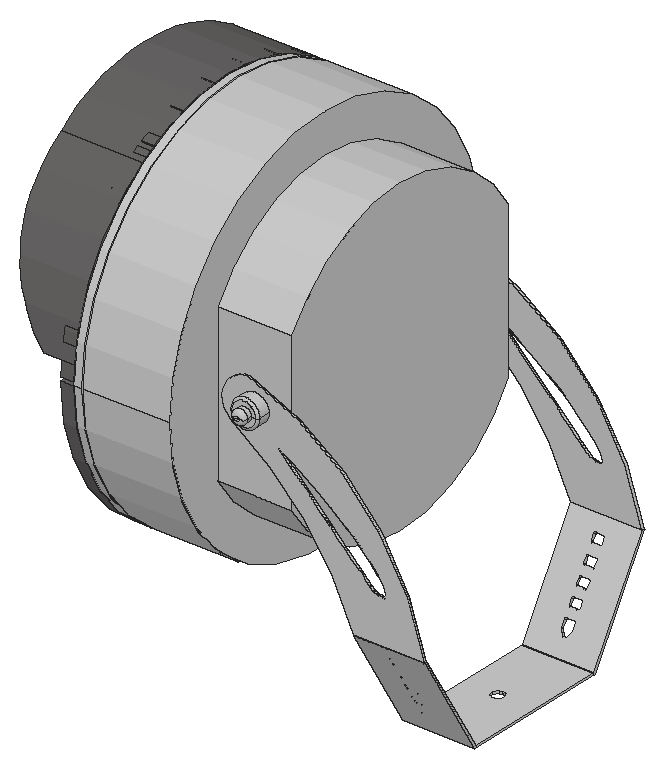
Revit family "Intercept", category Lighting Fixtures, host Face, Revit 2021
Family settings
  Host = Face
  Round Connector Dimension = Use Diameter
  Part Type = Normal
  OmniClass Number = 23.80.70.11.14.21
  OmniClass Title = Spots and Tracklight Specialties
  Cut with Voids When Loaded = No
  Light Source = Yes
  Shared = Yes
  Room Calculation Point = No
Parameters
  Wattage = 440 W
  Warranty = "5-Years Warranty"  # constant formula
  built-in parameter 1150110 = 1 (stored number, unit not read)
  Voltage = 120 V
  Type Comments = "Lighting Fixture"  # constant formula
  built-in parameter 1114217 = 1 (stored number, unit not read)
  Tilt Angle = 0.00°
  built-in parameter 1150109 = 1 (stored number, unit not read)
  built-in parameter 1150134 = (empty or 0)
  built-in parameter 1150113 = 1 (stored number, unit not read)
  built-in parameter 1010507 = 1.5708 (stored number, unit not read)
  built-in parameter 1010506 = 0.5236 (stored number, unit not read)
  Product Page URL = ""
  Product Documentation Link = ""
  Power Factor = 1
  Photometric Notes = "More IES files download on Photometric Link"  # constant formula
  Photometric Link = ""
  Wattage Comments = "440W,580W,880W"
  URL = "https://www.currentlighting.com/exo"
  Mounting = "Yoke/ Under Mount yoke"  # constant formula
  Model = "Intercept"  # constant formula
  Manufacturer = "EXO"  # constant formula
  built-in parameter 1150105 = 218530.6 (stored number, unit not read)
  Lumens = 65358.5 lm
  built-in parameter 1150115 = 1 (stored number, unit not read)
  Load Classification = Lighting
  built-in parameter 1150131 = 120.00"
  built-in parameter 1150137 = (empty or 0)
  built-in parameter 1150139 = (empty or 0)
  built-in parameter 1150112 = 1 (stored number, unit not read)
  built-in parameter 1150114 = 1 (stored number, unit not read)
  Lamp = "LED"  # constant formula
  built-in parameter 1150132 = (empty or 0)
  built-in parameter 1150102 = (empty or 0)
  built-in parameter 1150107 = 4800 (stored number, unit not read)
  built-in parameter 1150138 = (empty or 0)
  built-in parameter 1150106 = 2185.3 (stored number, unit not read)
  Housing Material = Paint - Light Silver
  built-in parameter 1150104 = 13.8 (stored number, unit not read)
  Distribution = "2X2,3X3,4X4,5X5"  # constant formula
  Dimming Lamp Color Temperature Shift = <None>
  Description = "Superior high output, high efficiency LED floodlight with a variety of flood distributions"  # constant formula
  Default Elevation = 48.00"
  Copyright = "Copyright ©  EXO "  # constant formula
  Control Options = "Continuious Dimming/ SiteSync pre-comm/NX Fixture Module/DMX/RDM"  # constant formula
  Contact Us = ""
  Front Housing Material = Paint - Textured Camera Black
  Color Filter = 16777215
  built-in parameter 1114218 = 1 (stored number, unit not read)
  Light Source Symbol Length = 120.00"
  Assembly Code = "D5020230"
  Apparent Load = 0 VA
Reference planes (in)
  plane 1 "Center (Front/Back)": y = 13.01342
  plane 2: z = 0
  plane 3 "Center (Left/Right)": x = 0
  plane 4: x = 13.42
  plane 5: z = 15.6
  plane 6: y = 1.61342
  plane 7: y = 24.41342
Forms (in)
  Extrusion 1, solid, material "Paint - Light Silver" <- "Housing Material"
    sketch origin (-1.375, 0, 0) x (1, 0, 0) y (0, 1, 0)
      loop
        line (10.62854, 17.28805) -> (10.62854, 8.73097) -> (14.76519, 8.73097) -> (14.76519, 17.28805) -> (10.62854, 17.28805)
      loop
        circle (12.63639, 13.01342) r 0.355
    from 0 to 0.1
  Extrusion 2, solid, material "Paint - Light Silver" <- "Housing Material"
    sketch origin (2.65271, 10.53625, -1.375) x (1, 0, 0) y (0, 0, 1)
      loop
        arc (0.5, 18.6) -> (-0.88043, 17.68687) -> (-0.58018, 16.05923) r 1.5
        arc (-0.58018, 16.05923) -> (3.74135, 12.30203) -> (6.58762, 7.33304) r 17.17628
        line (6.58762, 7.33304) -> (10.69652, 7.33304)
        arc (10.69652, 7.33304) -> (7.10625, 14.33124) -> (0.5, 18.6) r 15.20891
      loop
        spline (2.27325, 15.44002) -> (3.34638, 14.36934) -> (4.26437, 13.45315) -> (5.04151, 12.67722) -> (5.6921, 12.02729) -> (6.23045, 11.48912) -> (6.67086, 11.04848) -> (7.02763, 10.6911) -> (7.31507, 10.40276) -> (7.55416, 10.17353) -> (7.78394, 10.00516) -> (8.04654, 9.90139) -> (8.38404, 9.86598)
        spline (8.38404, 9.86598) -> (8.43736, 10.06927) -> (8.34685, 10.36232) -> (8.12499, 10.73245) -> (7.78424, 11.16698) -> (7.33705, 11.65324) -> (6.79589, 12.17853) -> (6.17321, 12.73018) -> (5.48148, 13.29552) -> (4.73316, 13.86185) -> (3.94071, 14.41649) -> (3.11658, 14.94678) -> (2.27325, 15.44002)
    from 5.32 to 5.42283
  Extrusion 3, solid, material "Paint - Light Silver" <- "Housing Material"
    sketch origin (2.65271, 15.49059, -1.375) x (1, 0, 0) y (0, 0, -1)
      loop
        line (10.69652, -7.33304) -> (6.58762, -7.33304)
        arc (6.58762, -7.33304) -> (3.74135, -12.30203) -> (-0.58018, -16.05923) r 17.17628
        arc (-0.58018, -16.05923) -> (-0.88043, -17.68687) -> (0.5, -18.6) r 1.5
        arc (0.5, -18.6) -> (7.10625, -14.33124) -> (10.69652, -7.33304) r 15.20891
      loop
        spline (2.27325, -15.44002) -> (3.11658, -14.94678) -> (3.94071, -14.41649) -> (4.73316, -13.86185) -> (5.48148, -13.29552) -> (6.17321, -12.73018) -> (6.79589, -12.17853) -> (7.33705, -11.65324) -> (7.78424, -11.16698) -> (8.12499, -10.73245) -> (8.34685, -10.36232) -> (8.43736, -10.06927) -> (8.38404, -9.86598)
        spline (8.38404, -9.86598) -> (8.04654, -9.90139) -> (7.78394, -10.00516) -> (7.55416, -10.17353) -> (7.31507, -10.40276) -> (7.02763, -10.6911) -> (6.67086, -11.04848) -> (6.23045, -11.48912) -> (5.6921, -12.02729) -> (5.04151, -12.67722) -> (4.26437, -13.45315) -> (3.34638, -14.36934) -> (2.27325, -15.44002)
    from 5.32 to 5.42283
  Extrusion 4, solid, material "Paint - Light Silver" <- "Housing Material"
    sketch origin (2.12977, -4, 0) x (0, 1, 0) y (0, 0, 1)
      loop
        line (24.80792, 5.95804) -> (21.28805, 0.1) -> (21.28805, 0) -> (21.34463, 0) -> (24.89924, 5.91586) -> (24.91342, 5.95804) -> (24.80792, 5.95804)
      loop
        line (9.21111, 5.95804) -> (9.10561, 5.95804) -> (9.11979, 5.91586) -> (12.6744, 0) -> (12.73097, 0) -> (12.73097, 0.1) -> (9.21111, 5.95804)
    from 7.12377 to 11.26377
  Extrusion 5, void
    sketch origin (2.12977, 20.68653, 5.75602) x (0, 0.515038, 0.857167) y (1, 0, 0)
      loop
        arc (-0.69476, 8.8328) -> (-0.64261, 8.8544) -> (-0.62101, 8.90655) r 0.07375
        line (-0.62101, 8.90655) -> (-0.62101, 9.3982)
        arc (-0.62101, 9.3982) -> (-0.63934, 9.44246) -> (-0.6836, 9.46079) r 0.06259
        line (-0.6836, 9.46079) -> (-1.04314, 9.46079)
        arc (-1.04314, 9.46079) -> (-1.0982, 9.43798) -> (-1.12101, 9.38292) r 0.07787
        line (-1.12101, 9.38292) -> (-1.12101, 8.92186)
        arc (-1.12101, 8.92186) -> (-1.09492, 8.85889) -> (-1.03195, 8.8328) r 0.08906
        line (-1.03195, 8.8328) -> (-0.69476, 8.8328)
      loop
        arc (-1.75726, 8.8328) -> (-1.70511, 8.8544) -> (-1.68351, 8.90655) r 0.07375
        line (-1.68351, 8.90655) -> (-1.68351, 9.3982)
        arc (-1.68351, 9.3982) -> (-1.70184, 9.44246) -> (-1.7461, 9.46079) r 0.06259
        line (-1.7461, 9.46079) -> (-2.10564, 9.46079)
        arc (-2.10564, 9.46079) -> (-2.1607, 9.43798) -> (-2.18351, 9.38292) r 0.07787
        line (-2.18351, 9.38292) -> (-2.18351, 8.92186)
        arc (-2.18351, 8.92186) -> (-2.15742, 8.85889) -> (-2.09445, 8.8328) r 0.08906
        line (-2.09445, 8.8328) -> (-1.75726, 8.8328)
      loop
        arc (-2.76937, 8.8328) -> (-2.71722, 8.8544) -> (-2.69562, 8.90655) r 0.07375
        line (-2.69562, 8.90655) -> (-2.69562, 9.3982)
        arc (-2.69562, 9.3982) -> (-2.71395, 9.44246) -> (-2.75821, 9.46079) r 0.06259
        line (-2.75821, 9.46079) -> (-3.11775, 9.46079)
        arc (-3.11775, 9.46079) -> (-3.17281, 9.43798) -> (-3.19562, 9.38292) r 0.07787
        line (-3.19562, 9.38292) -> (-3.19562, 8.92186)
        arc (-3.19562, 8.92186) -> (-3.16953, 8.85889) -> (-3.10656, 8.8328) r 0.08906
        line (-3.10656, 8.8328) -> (-2.76937, 8.8328)
      loop
        arc (-3.76937, 8.8328) -> (-3.71722, 8.8544) -> (-3.69562, 8.90655) r 0.07375
        line (-3.69562, 8.90655) -> (-3.69562, 9.3982)
        arc (-3.69562, 9.3982) -> (-3.71395, 9.44246) -> (-3.75821, 9.46079) r 0.06259
        line (-3.75821, 9.46079) -> (-4.11775, 9.46079)
        arc (-4.11775, 9.46079) -> (-4.17281, 9.43798) -> (-4.19562, 9.38292) r 0.07787
        line (-4.19562, 9.38292) -> (-4.19562, 8.92186)
        arc (-4.19562, 8.92186) -> (-4.16953, 8.85889) -> (-4.10656, 8.8328) r 0.08906
        line (-4.10656, 8.8328) -> (-3.76937, 8.8328)
      loop
        arc (-4.69562, 9.3982) -> (-4.71395, 9.44246) -> (-4.75821, 9.46079) r 0.06259
        line (-4.75821, 9.46079) -> (-5.18993, 9.46079) -> (-5.57062, 9.2517) -> (-5.57062, 9.04598) -> (-5.21095, 8.8328) -> (-4.76937, 8.8328)
        arc (-4.76937, 8.8328) -> (-4.71722, 8.8544) -> (-4.69562, 8.90655) r 0.07375
        line (-4.69562, 8.90655) -> (-4.69562, 9.3982)
    from 0 to 0.1
  Extrusion 6, void
    sketch origin (2.12977, 5.34031, 5.75602) x (0, -0.515038, 0.857167) y (-1, 0, 0)
      loop
        line (-0.69476, -8.8328) -> (-1.03195, -8.8328)
        arc (-1.03195, -8.8328) -> (-1.09492, -8.85889) -> (-1.12101, -8.92186) r 0.08906
        line (-1.12101, -8.92186) -> (-1.12101, -9.38292)
        arc (-1.12101, -9.38292) -> (-1.0982, -9.43798) -> (-1.04314, -9.46079) r 0.07787
        line (-1.04314, -9.46079) -> (-0.6836, -9.46079)
        arc (-0.6836, -9.46079) -> (-0.63934, -9.44246) -> (-0.62101, -9.3982) r 0.06259
        line (-0.62101, -9.3982) -> (-0.62101, -8.90655)
        arc (-0.62101, -8.90655) -> (-0.64261, -8.8544) -> (-0.69476, -8.8328) r 0.07375
      loop
        line (-1.75726, -8.8328) -> (-2.09445, -8.8328)
        arc (-2.09445, -8.8328) -> (-2.15742, -8.85889) -> (-2.18351, -8.92186) r 0.08906
        line (-2.18351, -8.92186) -> (-2.18351, -9.38292)
        arc (-2.18351, -9.38292) -> (-2.1607, -9.43798) -> (-2.10564, -9.46079) r 0.07787
        line (-2.10564, -9.46079) -> (-1.7461, -9.46079)
        arc (-1.7461, -9.46079) -> (-1.70184, -9.44246) -> (-1.68351, -9.3982) r 0.06259
        line (-1.68351, -9.3982) -> (-1.68351, -8.90655)
        arc (-1.68351, -8.90655) -> (-1.70511, -8.8544) -> (-1.75726, -8.8328) r 0.07375
      loop
        line (-2.76937, -8.8328) -> (-3.10656, -8.8328)
        arc (-3.10656, -8.8328) -> (-3.16953, -8.85889) -> (-3.19562, -8.92186) r 0.08906
        line (-3.19562, -8.92186) -> (-3.19562, -9.38292)
        arc (-3.19562, -9.38292) -> (-3.17281, -9.43798) -> (-3.11775, -9.46079) r 0.07787
        line (-3.11775, -9.46079) -> (-2.75821, -9.46079)
        arc (-2.75821, -9.46079) -> (-2.71395, -9.44246) -> (-2.69562, -9.3982) r 0.06259
        line (-2.69562, -9.3982) -> (-2.69562, -8.90655)
        arc (-2.69562, -8.90655) -> (-2.71722, -8.8544) -> (-2.76937, -8.8328) r 0.07375
      loop
        line (-3.76937, -8.8328) -> (-4.10656, -8.8328)
        arc (-4.10656, -8.8328) -> (-4.16953, -8.85889) -> (-4.19562, -8.92186) r 0.08906
        line (-4.19562, -8.92186) -> (-4.19562, -9.38292)
        arc (-4.19562, -9.38292) -> (-4.17281, -9.43798) -> (-4.11775, -9.46079) r 0.07787
        line (-4.11775, -9.46079) -> (-3.75821, -9.46079)
        arc (-3.75821, -9.46079) -> (-3.71395, -9.44246) -> (-3.69562, -9.3982) r 0.06259
        line (-3.69562, -9.3982) -> (-3.69562, -8.90655)
        arc (-3.69562, -8.90655) -> (-3.71722, -8.8544) -> (-3.76937, -8.8328) r 0.07375
      loop
        line (-4.69562, -9.3982) -> (-4.69562, -8.90655)
        arc (-4.69562, -8.90655) -> (-4.71722, -8.8544) -> (-4.76937, -8.8328) r 0.07375
        line (-4.76937, -8.8328) -> (-5.21095, -8.8328) -> (-5.57062, -9.04598) -> (-5.57062, -9.2517) -> (-5.18993, -9.46079) -> (-4.75821, -9.46079)
        arc (-4.75821, -9.46079) -> (-4.71395, -9.44246) -> (-4.69562, -9.3982) r 0.06259
    from 0 to 0.1
  Extrusion 7, solid, material "Paint - Light Silver" <- "Housing Material"
    sketch origin (-4.25474, 0, 0) x (0, 1, 0) y (0, 0, 1)
      loop
        circle (13.01342, 15.6) r 11.25
    from 0 to 0.5
  Extrusion 8, solid, material "Paint - Light Silver" <- "Housing Material"
    sketch origin (-4.25474, 0, 0) x (0, 1, 0) y (0, 0, 1)
      loop
        circle (13.01342, 15.6) r 11.25
    from 0.5 to 5.53987
  Extrusion 9, solid, material "Paint - Light Silver" <- "Housing Material"
    sketch origin (-4.25474, 0, 0) x (0, 1, 0) y (0, 0, 1)
      loop
        arc (20.80538, 20.10393) -> (13.01342, 24.6) -> (5.22146, 20.10393) r 9
        line (5.22146, 20.10393) -> (5.22146, 11.09607)
        arc (5.22146, 11.09607) -> (13.01342, 6.6) -> (20.80538, 11.09607) r 9
        line (20.80538, 11.09607) -> (20.80538, 20.10393)
    from 5.53987 to 9.86315
  Extrusion 10, solid, material "Paint - Textured Camera Black" <- "Front Housing Material"
    sketch origin (0, 0, 0) x (0, 1, 0) y (0, 0, 1)
      loop
        arc (18.55968, 25.38783) -> (13.07922, 26.84981) -> (7.58203, 25.45203) r 11.25
        line (7.58203, 25.45203) -> (11.56658, 18.55059) -> (14.6122, 18.55059) -> (18.55968, 25.38783)
      loop
        circle (15.58917, 24.83575) r 0.59588
      loop
        circle (14.22926, 24.83575) r 0.59588
      loop
        circle (12.97926, 24.83575) r 0.59588
      loop
        circle (11.58881, 24.83575) r 0.59588
      loop
        circle (10.33881, 24.83575) r 0.59588
      loop
        circle (16.0167, 23.66113) r 0.59588
      loop
        circle (15.58917, 22.48652) r 0.59588
      loop
        circle (14.91824, 21.32443) r 0.59588
      loop
        circle (14.32747, 22.51982) r 0.59588
      loop
        circle (13.70872, 23.63728) r 0.59588
      loop
        circle (12.45872, 23.63728) r 0.59588
      loop
        circle (9.95872, 23.63728) r 0.59588
      loop
        circle (10.48699, 22.50439) r 0.59588
      loop
        circle (11.73699, 22.50439) r 0.59588
      loop
        circle (13.69336, 21.46726) r 0.59588
      loop
        circle (12.31836, 21.40476) r 0.59588
      loop
        circle (11.06836, 21.40476) r 0.59588
      loop
        circle (14.44336, 20.16823) r 0.59588
      loop
        circle (13.71783, 19.19269) r 0.59588
      loop
        circle (12.33276, 19.24255) r 0.59588
      loop
        circle (11.74199, 20.31293) r 0.59588
      loop
        arc (7.31004, 25.29711) -> (3.3037, 21.28189) -> (1.76562, 15.82229) r 11.25
        line (1.76562, 15.82229) -> (9.73471, 15.82229) -> (11.25752, 18.45988) -> (7.31004, 25.29711)
      loop
        circle (6.3029, 22.44854) r 0.59588
      loop
        circle (5.62294, 21.27082) r 0.59588
      loop
        circle (4.99794, 20.18829) r 0.59588
      loop
        circle (4.30272, 18.98413) r 0.59588
      loop
        circle (3.67772, 17.9016) r 0.59588
      loop
        circle (7.53391, 22.23148) r 0.59588
      loop
        circle (8.3374, 21.27393) r 0.59588
      loop
        circle (9.00833, 20.11184) r 0.59588
      loop
        circle (7.67771, 20.19791) r 0.59588
      loop
        circle (6.40058, 20.22078) r 0.59588
      loop
        circle (5.77558, 19.13825) r 0.59588
      loop
        circle (4.52558, 16.97319) r 0.59588
      loop
        circle (5.77082, 16.86424) r 0.59588
      loop
        circle (6.39582, 17.94678) r 0.59588
      loop
        circle (8.27219, 19.12248) r 0.59588
      loop
        circle (7.63882, 17.90045) r 0.59588
      loop
        circle (7.01382, 16.81791) r 0.59588
      loop
        circle (9.77219, 19.12248) r 0.59588
      loop
        circle (10.25426, 18.00638) r 0.59588
      loop
        circle (9.51855, 16.83181) r 0.59588
      loop
        circle (8.29618, 16.85538) r 0.59588
      loop
        arc (1.76343, 15.61633) -> (3.18537, 10.12534) -> (7.10564, 6.02604) r 11.25
        line (7.10564, 6.02604) -> (11.15568, 12.88926) -> (9.65804, 15.54121) -> (1.76343, 15.61633)
      loop
        circle (3.70485, 13.30126) r 0.59588
      loop
        circle (4.37358, 12.11712) r 0.59588
      loop
        circle (4.98825, 11.02869) r 0.59588
      loop
        circle (5.67198, 9.81797) r 0.59588
      loop
        circle (6.28665, 8.72954) r 0.59588
      loop
        circle (4.51741, 14.25113) r 0.59588
      loop
        circle (5.75043, 14.45646) r 0.59588
      loop
        circle (7.09224, 14.4437) r 0.59588
      loop
        circle (6.34187, 13.34147) r 0.59588
      loop
        circle (5.67311, 12.2532) r 0.59588
      loop
        circle (6.28778, 11.16477) r 0.59588
      loop
        circle (7.51712, 8.98791) r 0.59588
      loop
        circle (8.2438, 10.00498) r 0.59588
      loop
        circle (7.62913, 11.09341) r 0.59588
      loop
        circle (7.57018, 13.3069) r 0.59588
      loop
        circle (8.30074, 12.14037) r 0.59588
      loop
        circle (8.91541, 11.05194) r 0.59588
      loop
        circle (8.33251, 14.59875) r 0.59588
      loop
        circle (9.53872, 14.4467) r 0.59588
      loop
        circle (10.1764, 13.21614) r 0.59588
      loop
        circle (9.53487, 12.17538) r 0.59588
      loop
        arc (7.37428, 5.86539) -> (12.84058, 4.35133) -> (18.35082, 5.69674) r 11.25
        line (18.35082, 5.69674) -> (14.43212, 12.63578) -> (11.38664, 12.66476) -> (7.37428, 5.86539)
      loop
        circle (10.3499, 6.38918) r 0.59588
      loop
        circle (11.70976, 6.37624) r 0.59588
      loop
        circle (12.9597, 6.36434) r 0.59588
      loop
        circle (14.35009, 6.35111) r 0.59588
      loop
        circle (15.60003, 6.33922) r 0.59588
      loop
        circle (9.93357, 7.56781) r 0.59588
      loop
        circle (10.37226, 8.7383) r 0.59588
      loop
        circle (11.05422, 9.89395) r 0.59588
      loop
        circle (11.63359, 8.693) r 0.59588
      loop
        circle (12.24168, 7.5697) r 0.59588
      loop
        circle (13.49162, 7.55781) r 0.59588
      loop
        circle (15.99151, 7.53402) r 0.59588
      loop
        circle (15.47404, 8.67188) r 0.59588
      loop
        circle (14.2241, 8.68377) r 0.59588
      loop
        circle (12.27768, 9.73947) r 0.59588
      loop
        circle (13.65321, 9.78889) r 0.59588
      loop
        circle (14.90316, 9.77699) r 0.59588
      loop
        circle (11.54007, 11.04559) r 0.59588
      loop
        circle (12.27486, 12.01417) r 0.59588
      loop
        circle (13.65939, 11.95114) r 0.59588
      loop
        circle (14.23995, 10.87518) r 0.59588
      loop
        arc (18.86067, 5.98895) -> (22.80673, 10.06344) -> (24.26329, 15.54534) r 11.25
        line (24.26329, 15.54534) -> (16.29507, 15.42659) -> (14.81174, 12.76661) -> (18.86067, 5.98895)
      loop
        circle (19.82525, 8.85221) r 0.59588
      loop
        circle (20.48758, 10.03994) r 0.59588
      loop
        circle (21.09638, 11.13167) r 0.59588
      loop
        circle (21.77358, 12.34605) r 0.59588
      loop
        circle (22.38238, 13.43778) r 0.59588
      loop
        circle (18.59114, 9.05091) r 0.59588
      loop
        circle (17.77347, 9.99638) r 0.59588
      loop
        circle (17.0853, 11.14834) r 0.59588
      loop
        circle (18.41705, 11.08211) r 0.59588
      loop
        circle (19.69438, 11.07827) r 0.59588
      loop
        circle (20.30318, 12.17) r 0.59588
      loop
        circle (21.52078, 14.35345) r 0.59588
      loop
        circle (20.27405, 14.44382) r 0.59588
      loop
        circle (19.66525, 13.3521) r 0.59588
      loop
        circle (17.80661, 12.14856) r 0.59588
      loop
        circle (18.4217, 13.3799) r 0.59588
      loop
        circle (19.0305, 14.47163) r 0.59588
      loop
        circle (16.30678, 12.12621) r 0.59588
      loop
        circle (15.80813, 13.235) r 0.59588
      loop
        circle (16.52626, 14.42041) r 0.59588
      loop
        circle (17.74884, 14.41506) r 0.59588
      loop
        arc (24.26045, 15.85834) -> (22.70488, 21.31298) -> (18.68569, 25.31534) r 11.25
        line (18.68569, 25.31534) -> (14.80442, 18.35529) -> (16.36637, 15.74069) -> (24.26045, 15.85834)
      loop
        circle (22.26309, 18.12532) r 0.59588
      loop
        circle (21.56565, 19.29278) r 0.59588
      loop
        circle (20.92459, 20.36588) r 0.59588
      loop
        circle (20.2115, 21.55955) r 0.59588
      loop
        circle (19.57044, 22.63264) r 0.59588
      loop
        circle (21.47396, 17.1559) r 0.59588
      loop
        circle (20.24632, 16.92052) r 0.59588
      loop
        circle (18.90461, 16.90052) r 0.59588
      loop
        circle (19.62784, 18.02074) r 0.59588
      loop
        circle (20.26983, 19.12502) r 0.59588
      loop
        circle (19.62877, 20.19812) r 0.59588
      loop
        circle (18.34665, 22.34431) r 0.59588
      loop
        circle (17.64501, 21.3098) r 0.59588
      loop
        circle (18.28608, 20.2367) r 0.59588
      loop
        circle (18.39905, 18.02531) r 0.59588
      loop
        circle (17.64022, 19.17366) r 0.59588
      loop
        circle (16.99916, 20.24676) r 0.59588
      loop
        circle (17.66849, 16.71524) r 0.59588
      loop
        circle (16.45893, 16.83779) r 0.59588
      loop
        circle (15.79139, 18.05241) r 0.59588
      loop
        circle (16.40732, 19.10852) r 0.59588
    from -5 to -4.25474
  Extrusion 11, void
    sketch origin (0, 0, 0) x (0, 1, 0) y (0, 0, 1)
      loop
        arc (11.14863, 16.85899) -> (10.76342, 15.6) -> (11.14863, 14.34101) r 2.25
        line (11.14863, 14.34101) -> (11.28559, 14.34101)
        arc (11.28559, 14.34101) -> (11.47335, 14.08309) -> (11.66111, 14.34101) r 0.1973
        line (11.66111, 14.34101) -> (11.85129, 14.34101)
        arc (11.85129, 14.34101) -> (12.04467, 14.10454) -> (12.23805, 14.34101) r 0.1973
        line (12.23805, 14.34101) -> (13.69779, 14.34101)
        arc (13.69779, 14.34101) -> (13.77904, 13.96391) -> (13.8603, 14.34101) r 0.1973
        line (13.8603, 14.34101) -> (13.96085, 14.34101)
        arc (13.96085, 14.34101) -> (14.13851, 14.22954) -> (14.31617, 14.34101) r 0.1973
        line (14.31617, 14.34101) -> (14.38028, 14.34101)
        arc (14.38028, 14.34101) -> (14.5722, 14.09794) -> (14.76413, 14.34101) r 0.1973
        line (14.76413, 14.34101) -> (14.87821, 14.34101)
        arc (14.87821, 14.34101) -> (15.26342, 15.6) -> (14.87821, 16.85899) r 2.25
        line (14.87821, 16.85899) -> (14.76413, 16.85899)
        arc (14.76413, 16.85899) -> (14.5722, 17.10206) -> (14.38028, 16.85899) r 0.1973
        line (14.38028, 16.85899) -> (14.31617, 16.85899)
        arc (14.31617, 16.85899) -> (14.13851, 16.97046) -> (13.96085, 16.85899) r 0.1973
        line (13.96085, 16.85899) -> (13.8603, 16.85899)
        arc (13.8603, 16.85899) -> (13.77904, 17.23609) -> (13.69779, 16.85899) r 0.1973
        line (13.69779, 16.85899) -> (12.23805, 16.85899)
        arc (12.23805, 16.85899) -> (12.04467, 17.09546) -> (11.85129, 16.85899) r 0.1973
        line (11.85129, 16.85899) -> (11.66111, 16.85899)
        arc (11.66111, 16.85899) -> (11.47335, 17.11691) -> (11.28559, 16.85899) r 0.1973
        line (11.28559, 16.85899) -> (11.14863, 16.85899)
      loop
        circle (14.24241, 17.21477) r 0.1973
      loop
        circle (13.87815, 17.45084) r 0.1973
      loop
        circle (13.4146, 17.57095) r 0.1973
      loop
        circle (12.9771, 17.63345) r 0.1973
      loop
        circle (12.52382, 17.57095) r 0.1973
      loop
        circle (12.12326, 17.41461) r 0.1973
      loop
        circle (13.35387, 17.14816) r 0.1973
      loop
        circle (12.90329, 17.17941) r 0.1973
      loop
        circle (11.7644, 17.21066) r 0.1973
      loop
        circle (12.48547, 17.11691) r 0.1973
      loop
        circle (14.24241, 13.98523) r 0.1973
      loop
        circle (13.87815, 13.74916) r 0.1973
      loop
        circle (13.4146, 13.62905) r 0.1973
      loop
        circle (12.9771, 13.56655) r 0.1973
      loop
        circle (12.52382, 13.62905) r 0.1973
      loop
        circle (12.12326, 13.78539) r 0.1973
      loop
        circle (13.35387, 14.05184) r 0.1973
      loop
        circle (12.90329, 14.02059) r 0.1973
      loop
        circle (11.7644, 13.98934) r 0.1973
      loop
        circle (12.48547, 14.08309) r 0.1973
    from -4.73156 to -5
  Extrusion 12, solid, material "Paint - Light Silver" <- "Housing Material"
    sketch origin (0, 0, 0) x (0, 1, 0) y (0, 0, 1)
      loop
        arc (14.87821, 14.34101) -> (15.26342, 15.6) -> (14.87821, 16.85899) r 2.25
        line (14.87821, 16.85899) -> (11.14863, 16.85899)
        arc (11.14863, 16.85899) -> (10.76342, 15.6) -> (11.14863, 14.34101) r 2.25
        line (11.14863, 14.34101) -> (14.87821, 14.34101)
    from -5 to -4.73473
  Extrusion 13, solid, material "Paint - Light Silver" <- "Housing Material"
    sketch origin (0, 0, 0) x (0, 1, 0) y (0, 0, 1)
      loop
        line (13.09096, 16.24671) -> (12.77592, 16.24671)
        arc (12.77592, 16.24671) -> (12.70752, 16.21838) -> (12.67919, 16.14998) r 0.09673
        line (12.67919, 16.14998) -> (12.67919, 15.08698)
        arc (12.67919, 15.08698) -> (12.70563, 15.02315) -> (12.76946, 14.99671) r 0.09027
        line (12.76946, 14.99671) -> (13.1057, 14.99671)
        arc (13.1057, 14.99671) -> (13.15767, 15.01823) -> (13.17919, 15.0702) r 0.07349
        line (13.17919, 15.0702) -> (13.17919, 16.15848)
        arc (13.17919, 16.15848) -> (13.15335, 16.22087) -> (13.09096, 16.24671) r 0.08823
    from -5.40127 to -5
  Extrusion 14, solid, material "Paint - Light Silver" <- "Housing Material"
    sketch origin (0, 0, 0) x (0, 1, 0) y (0, 0, 1)
      loop
        line (11.47268, 18.26864) -> (9.93194, 15.6) -> (11.47268, 12.93136) -> (14.55416, 12.93136) -> (16.0949, 15.6) -> (14.55416, 18.26864) -> (11.47268, 18.26864)
    from -5 to -4.25474
  Revolve 15, solid, material "Paint - Light Silver" <- "Housing Material"
    sketch origin (0, 0.10283, 15.725) x (1, 0, 0) y (0, 1, 0)
      loop
        line (3.53407, 22.10295) -> (3.53407, 20.81059) -> (4.34657, 20.81059) -> (4.34657, 21.45204)
        arc (4.34657, 21.45204) -> (4.31152, 21.53665) -> (4.22691, 21.5717) r 0.11966
        line (4.22691, 21.5717) -> (3.94032, 21.5717) -> (3.94032, 21.85295)
        arc (3.94032, 21.85295) -> (3.86709, 22.02973) -> (3.69032, 22.10295) r 0.25
        line (3.69032, 22.10295) -> (3.53407, 22.10295)
      axis (3.53407, 22.10295) -> (3.53407, 20.81059)
    angle from 0 to 360
  Revolve 16, solid, material "Paint - Light Silver" <- "Housing Material"
    sketch origin (0, 25.91619, 15.725) x (1, 0, 0) y (0, 1, 0)
      loop
        line (3.53407, -22.10295) -> (3.69032, -22.10295)
        arc (3.69032, -22.10295) -> (3.86709, -22.02973) -> (3.94032, -21.85295) r 0.25
        line (3.94032, -21.85295) -> (3.94032, -21.5717) -> (4.22691, -21.5717)
        arc (4.22691, -21.5717) -> (4.31152, -21.53665) -> (4.34657, -21.45204) r 0.11966
        line (4.34657, -21.45204) -> (4.34657, -20.81059) -> (3.53407, -20.81059) -> (3.53407, -22.10295)
      axis (3.53407, -22.10295) -> (3.53407, -20.81059)
    angle from 0 to 360
  Extrusion 17, solid, material "Paint - Textured Camera Black" <- "Front Housing Material"
    sketch origin (0, 0, 0) x (0, 1, 0) y (0, 0, 1)
      loop
        arc (19.19918, 24.99675) -> (12.97329, 26.84993) -> (6.76077, 24.95237) r 11.25
        arc (6.76077, 24.95237) -> (3.34861, 21.35794) -> (1.81215, 16.64603) r 11.25
        line (1.81215, 16.64603) -> (1.91259, 16.64603)
        arc (1.91259, 16.64603) -> (5.22663, 23.58051) -> (12.24044, 26.72317) r 11.15
        arc (12.24044, 26.72317) -> (15.84206, 26.38524) -> (19.14594, 24.91207) r 11.15
        arc (19.14594, 24.91207) -> (22.56074, 21.35945) -> (24.1108, 16.68193) r 11.15
        line (24.1108, 16.68193) -> (24.21127, 16.68193)
        arc (24.21127, 16.68193) -> (22.64833, 21.40783) -> (19.19918, 24.99675) r 11.25
    from -4.25474 to -9.05741
  Extrusion 18, void
    sketch origin (0, 13.01342, 0) x (1, 0, 0) y (0, 0, 1)
      loop
        line (-9.05741, 16.64603) -> (-6, 16.64603)
        arc (-6, 16.64603) -> (-8.27957, 20.6204) -> (-8.93011, 25.1557) r 12.18415
        line (-8.93011, 25.1557) -> (-9.05741, 25.6919) -> (-9.05741, 16.64603)
    from -11.927 to 14.33628
Cuts and joins
  Extrusion 5, Extrusion 6 cuts Extrusion 4
  Extrusion 11 cuts Extrusion 10
  Extrusion 11 cuts Extrusion 14
  Extrusion 18 cuts Extrusion 17
Dimensions and locks (in)
  plane 3 "Center (Left/Right)" to plane 4 = 13.42"
  Extrusion 2 to Extrusion 3 = 15.80"
  plane 4 to plane 3 "Center (Left/Right)" = 13.42"
  plane 5 to plane 2 = 15.60"
  aligned and locked: plane 2 to host face
  aligned and locked: level to host face
  aligned and locked: Extrusion 9 to Extrusion 8
  aligned and locked: Extrusion 1 to cut or joined group of Extrusion 4, Extrusion 5, Extrusion 6  (x2)
  aligned and locked: Extrusion 13 to cut or joined group of Extrusion 10, Extrusion 11
Connectors (in)
  electrical at (11.32187, 13.00951, 0), driven by "Power Factor", driven by "Apparent Load", driven by "Voltage"
    settings: on Extrusion 1, index 1, voltage 120 V, apparent load 0 VA, apparent load phase1 0 VA, apparent load phase2 0 VA, apparent load phase3 0 VA, power factor 1, load classification "Other", number of poles 1, system type 30, power factor state 1, is connector primary yes, connector utility no, sub classification motor no, connector description "Lighting Connector"
